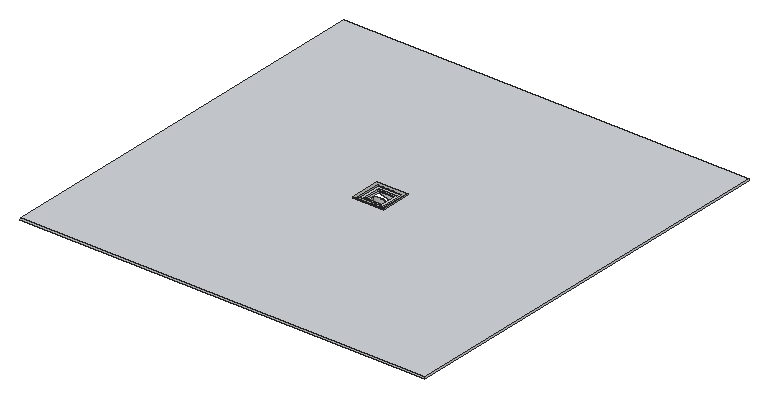
Revit family "LTR-6SQA", category Lighting Fixtures, host Face, Revit 2021
Family settings
  Host = Face
  Round Connector Dimension = Use Diameter
  Part Type = Normal
  OmniClass Number = 23.80.70.11.14.11
  OmniClass Title = Downlights
  Cut with Voids When Loaded = No
  Light Source = Yes
  Shared = Yes
  Room Calculation Point = No
Parameters (values of type "LTR-6SQA")
  Wattage Comments = "8-52"  # constant formula
  Wattage = 22.2 W
  Warranty = "5Years limited warranty"
  built-in parameter 1150110 = 1 (stored number, unit not read)
  Voltage = 120 V
  URL = "https://www.currentlighting.com/litecontrol"
  built-in parameter 1114217 = 1 (stored number, unit not read)
  Tilt Angle = -90.00°
  built-in parameter 1150109 = 1 (stored number, unit not read)
  built-in parameter 1150134 = 12
  built-in parameter 1150113 = 1 (stored number, unit not read)
  Product Page URL = ""
  Product Documentation Link = ""
  Power Factor = 1
  Photometric Web File = "generic.ies"
  Photometric Notes = "More IES files download on Photometric Web Link"  # constant formula
  Model = "LTR-6SQA"  # constant formula
  Manufacturer = "Litecontrol"
  built-in parameter 1150105 = -7295302.7 (stored number, unit not read)
  Lumens = 1799.98 lm
  built-in parameter 1150115 = 1 (stored number, unit not read)
  Load Classification = Lighting
  built-in parameter 1150137 = (empty or 0)
  built-in parameter 1150139 = (empty or 0)
  built-in parameter 1150112 = 1 (stored number, unit not read)
  built-in parameter 1150114 = 1 (stored number, unit not read)
  Lamp = "LED"  # constant formula
  built-in parameter 1150132 = (empty or 0)
  built-in parameter 1150102 = (empty or 0)
  built-in parameter 1150107 = 4000 (stored number, unit not read)
  built-in parameter 1150138 = (empty or 0)
  built-in parameter 1150106 = -72953 (stored number, unit not read)
  Glass = White Glass
  Features = "• 6inch architectural LED adjustable accent delivering 600–3500 lm • Four field interchangeable beam distributions from 15° to 45° • Translating center beam optic allows 0–35° vertical tilt, 362° horizontal rotation • Accommodates up to two lens media including hexcell louver and linear spread options • Variety of dimming protocol options including 0-10V, DALI, DMX, Lutron Forward Phase and EcoSystem • NX Distributed Intelligence™ wired and wireless controls capability available"  # constant formula
  Emit from Rectangle Width = 6.00"  # constant formula
  Emit from Rectangle Length = 6.00"  # constant formula
  Emit Shape Visible in Rendering = no
  built-in parameter 1150104 = 7.5326 (stored number, unit not read)
  Dimming Lamp Color Temperature Shift = <None>
  Description = "LITEISTRY™ 6inch Square Adjustable"  # constant formula
  Default Elevation = 48.00"
  Contact us = ""
  Color Filter = 16777215
  built-in parameter 1114218 = 1 (stored number, unit not read)
  Hardware Finish = Steel
  built-in parameter 1150133 = 10 (stored number, unit not read)
  Assembly Code = "D5020200"
  Apparent Load = 0 VA
Reference planes (in)
  plane 1 "Center (Front/Back)": y = 0.03999
  plane 2: z = 0
  plane 3 "Center (Left/Right)": x = -8.24832
  plane 4: x = -13.24832
  plane 5: x = 1.12668
  plane 6: y = 5.91499
  plane 7: y = -5.83501
  plane 8: z = -0.125
  plane 9: z = -2.865
  plane 10: z = -2.99
  plane 11: z = 0.51
  plane 12: x = -10.07019
  plane 13: x = -6.42646
  plane 14: x = -2.9049
  plane 15: x = -0.9049
  plane 16: y = 2.57276
  plane 17: y = -2.49278
  plane 18: y = 1.91499
  plane 19: y = -1.83501
  plane 20: z = 0.5625
  plane 21: z = -5.8175
  plane 22: through (-10.26822, -180.02233, 9.2565) normal (0.9908, 0, -0.1351)
  plane 23: through (-10.01873, -180.02233, 9.22247) normal (0.9908, 0, -0.1351)
Forms (in)
  Extrusion 1, solid
    sketch origin (-7.24832, 0, -2.58562) x (1, 0, 0) y (0, 1, 0)
      loop
        line (-48, 48) -> (-48, -48) -> (48, -48) -> (48, 48) -> (-48, 48)
    from 2.96062 to 2.58562
  Extrusion 2, void
    sketch origin (0, 0, 0) x (1, 0, 0) y (0, 1, 0)
      loop
        line (-10.42152, 2.23658) -> (-10.42152, -2.09107) -> (-6.09387, -2.09107) -> (-6.09387, 2.23658) -> (-10.42152, 2.23658)
    from 0.4375 to -0.125
  Extrusion 3, solid, material "Steel" <- "Hardware Finish", detail levels medium+fine
    sketch origin (0, 0, 0) x (1, 0, 0) y (0, 1, 0)
      loop
        line (-13.24832, 5.91499) -> (-13.24832, -5.83501) -> (1.12668, -5.83501) -> (1.12668, 5.91499) -> (-13.24832, 5.91499)
    from 0 to -0.125
  Extrusion 4, solid, material "Steel" <- "Hardware Finish", detail levels medium+fine
    sketch origin (0, 0, 0) x (1, 0, 0) y (0, 1, 0)
      loop
        line (-2.9049, 2.57276) -> (-2.9049, -2.49278) -> (-0.9049, -2.49278) -> (-0.9049, 2.57276) -> (-2.9049, 2.57276)
    from -2.99 to 0
  Extrusion 5, void
    sketch origin (-16.83938, -179.92188, -2.99) x (-1, 0, 0) y (0, -1, 0)
      loop
        line (-6.23879, -182.14937) -> (-6.23879, -177.5944) -> (-10.85626, -177.5944) -> (-10.85626, -182.14937) -> (-6.23879, -182.14937)
    from 2.865 to 2.99
  Sweep 6, solid, material "Steel" <- "Hardware Finish"
    path origin (-16.83938, -180, -2.99) x (-1, 0, 0) y (0, -1, 0)
      loop
        line (-6.58169, -182.07276) -> (-6.58169, -178.07276) -> (-10.58169, -178.07276) -> (-10.58169, -182.07276) -> (-6.58169, -182.07276)
    profile origin (-8.25769, 2.07276, -2.99) x (0, 1, 0) y (0, 0, 1)
      loop
        line (1.64692, 3.5625) -> (0.96851, 3.5625) -> (0.96851, 2.865) -> (1.30469, 2.865) -> (1.30469, 3.5) -> (1.64692, 3.5) -> (1.64692, 3.5625)
  Sweep 7, solid, material "Steel" <- "Hardware Finish"
    path in 3D
      loop
        line (-1.9111, 0.78158, -2.6815) -> (-1.9111, 0.78158, -3.20735)
        arc (-1.9111, 0.78158, -3.20735) -> (-2.13077, 0.78158, -3.73768) -> (-2.6611, 0.78158, -3.95735) r 0.75
        line (-2.6611, 0.78158, -3.95735) -> (-8.41689, 0.78158, -3.95735)
    profile origin (-2.13077, 0.78158, -3.73768) x (0, -1, 0) y (-0.707107, 0, 0.707107)
      loop
        circle (0, 0) r 0.09795
  Extrusion 8, solid, material "Steel" <- "Hardware Finish"
    sketch origin (-17.69503, -180.02154, -0.76089) x (-0.939693, 0, 0.34202) y (0, -1, 0)
      loop
        arc (-8.70908, -181.77339) -> (-8.53597, -181.78005) -> (-8.36304, -181.76953) r 1.74754
        line (-8.36304, -181.76953) -> (-8.36304, -181.67723) -> (-8.49788, -181.67723) -> (-8.49788, -181.55918) -> (-8.59106, -181.55918) -> (-8.59106, -181.67723) -> (-8.70908, -181.67723) -> (-8.70908, -181.77339)
      loop
        arc (-9.17317, -181.68651) -> (-8.99815, -181.73827) -> (-8.81868, -181.77148) r 1.74639
        line (-8.81868, -181.77148) -> (-8.79431, -181.68053) -> (-8.9248, -181.64556) -> (-8.89425, -181.53153) -> (-8.98425, -181.50742) -> (-9.0148, -181.62145) -> (-9.14629, -181.58621) -> (-9.17317, -181.68651)
      loop
        arc (-9.67441, -181.40975) -> (-9.52553, -181.51533) -> (-9.36646, -181.6048) r 1.74639
        line (-9.36646, -181.6048) -> (-9.31398, -181.52662) -> (-9.42615, -181.45133) -> (-9.36036, -181.35331) -> (-9.43772, -181.30138) -> (-9.50351, -181.3994) -> (-9.61654, -181.32353) -> (-9.67441, -181.40975)
      loop
        arc (-9.99201, -181.08268) -> (-9.87554, -181.2232) -> (-9.74504, -181.35079) r 1.74639
        line (-9.74504, -181.35079) -> (-9.67411, -181.28885) -> (-9.76297, -181.1871) -> (-9.67405, -181.10945) -> (-9.73534, -181.03927) -> (-9.82426, -181.11692) -> (-9.9138, -181.01438) -> (-9.99201, -181.08268)
      loop
        arc (-10.24565, -180.59873) -> (-10.1783, -180.76836) -> (-10.09362, -180.93004) r 1.74639
        line (-10.09362, -180.93004) -> (-10.00702, -180.89305) -> (-10.06009, -180.76881) -> (-9.95153, -180.72244) -> (-9.98813, -180.63675) -> (-10.09669, -180.68313) -> (-10.15016, -180.55794) -> (-10.24565, -180.59873)
      loop
        arc (-10.33389, -180.15145) -> (-10.31274, -180.33273) -> (-10.27278, -180.51082) r 1.74639
        line (-10.27278, -180.51082) -> (-10.17956, -180.4975) -> (-10.19867, -180.36376) -> (-10.0818, -180.34707) -> (-10.09498, -180.25483) -> (-10.21184, -180.27153) -> (-10.23109, -180.13677) -> (-10.33389, -180.15145)
      loop
        line (-7.92357, -181.65379) -> (-7.95566, -181.55504) -> (-8.08512, -181.5971) -> (-8.1216, -181.48483) -> (-8.21021, -181.51362) -> (-8.17373, -181.62589) -> (-8.30222, -181.66764) -> (-8.27312, -181.7572)
        arc (-8.27312, -181.7572) -> (-8.09564, -181.71464) -> (-7.92357, -181.65379) r 1.74639
      loop
        line (-7.5077, -181.40975) -> (-7.56557, -181.32353) -> (-7.6786, -181.3994) -> (-7.74439, -181.30138) -> (-7.82176, -181.35331) -> (-7.75596, -181.45133) -> (-7.86813, -181.52662) -> (-7.81565, -181.6048)
        arc (-7.81565, -181.6048) -> (-7.65658, -181.51533) -> (-7.5077, -181.40975) r 1.74639
      loop
        line (-7.1901, -181.08268) -> (-7.26831, -181.01438) -> (-7.35785, -181.11692) -> (-7.44677, -181.03927) -> (-7.50806, -181.10945) -> (-7.41914, -181.1871) -> (-7.508, -181.28885) -> (-7.43707, -181.35079)
        arc (-7.43707, -181.35079) -> (-7.30657, -181.2232) -> (-7.1901, -181.08268) r 1.74639
      loop
        line (-6.93646, -180.59873) -> (-7.03195, -180.55794) -> (-7.08542, -180.68313) -> (-7.19398, -180.63675) -> (-7.23058, -180.72244) -> (-7.12202, -180.76881) -> (-7.17509, -180.89305) -> (-7.08849, -180.93004)
        arc (-7.08849, -180.93004) -> (-7.00381, -180.76836) -> (-6.93646, -180.59873) r 1.74639
      loop
        line (-6.84822, -180.15145) -> (-6.95102, -180.13677) -> (-6.97027, -180.27153) -> (-7.08713, -180.25483) -> (-7.10031, -180.34707) -> (-6.98344, -180.36376) -> (-7.00255, -180.4975) -> (-6.90933, -180.51082)
        arc (-6.90933, -180.51082) -> (-6.86937, -180.33273) -> (-6.84822, -180.15145) r 1.74639
      loop
        line (-8.70908, -178.30659) -> (-8.70908, -178.40275) -> (-8.59106, -178.40275) -> (-8.59106, -178.5208) -> (-8.49788, -178.5208) -> (-8.49788, -178.40275) -> (-8.36304, -178.40275) -> (-8.36304, -178.31045)
        arc (-8.36304, -178.31045) -> (-8.53597, -178.29993) -> (-8.70908, -178.30659) r 1.74754
      loop
        line (-9.17317, -178.39347) -> (-9.14629, -178.49377) -> (-9.0148, -178.45854) -> (-8.98425, -178.57257) -> (-8.89425, -178.54845) -> (-8.9248, -178.43442) -> (-8.79431, -178.39946) -> (-8.81868, -178.3085)
        arc (-8.81868, -178.3085) -> (-8.99815, -178.34171) -> (-9.17317, -178.39347) r 1.74639
      loop
        line (-9.67441, -178.67023) -> (-9.61654, -178.75645) -> (-9.50351, -178.68058) -> (-9.43772, -178.7786) -> (-9.36036, -178.72668) -> (-9.42615, -178.62866) -> (-9.31398, -178.55337) -> (-9.36646, -178.47518)
        arc (-9.36646, -178.47518) -> (-9.52553, -178.56465) -> (-9.67441, -178.67023) r 1.74639
      loop
        line (-9.99201, -178.9973) -> (-9.9138, -179.0656) -> (-9.82426, -178.96307) -> (-9.73534, -179.04072) -> (-9.67405, -178.97054) -> (-9.76297, -178.89288) -> (-9.67411, -178.79113) -> (-9.74504, -178.72919)
        arc (-9.74504, -178.72919) -> (-9.87554, -178.85678) -> (-9.99201, -178.9973) r 1.74639
      loop
        line (-10.24565, -179.48125) -> (-10.15016, -179.52204) -> (-10.09669, -179.39686) -> (-9.98813, -179.44323) -> (-9.95153, -179.35754) -> (-10.06009, -179.31117) -> (-10.00702, -179.18693) -> (-10.09362, -179.14994)
        arc (-10.09362, -179.14994) -> (-10.1783, -179.31162) -> (-10.24565, -179.48125) r 1.74639
      loop
        line (-10.33389, -179.92853) -> (-10.23109, -179.94321) -> (-10.21184, -179.80846) -> (-10.09498, -179.82515) -> (-10.0818, -179.73291) -> (-10.19867, -179.71622) -> (-10.17956, -179.58248) -> (-10.27278, -179.56916)
        arc (-10.27278, -179.56916) -> (-10.31274, -179.74725) -> (-10.33389, -179.92853) r 1.74639
      loop
        arc (-7.92357, -178.42619) -> (-8.09564, -178.36534) -> (-8.27312, -178.32278) r 1.74639
        line (-8.27312, -178.32278) -> (-8.30222, -178.41234) -> (-8.17373, -178.45409) -> (-8.21021, -178.56636) -> (-8.1216, -178.59516) -> (-8.08512, -178.48288) -> (-7.95566, -178.52495) -> (-7.92357, -178.42619)
      loop
        arc (-7.5077, -178.67023) -> (-7.65658, -178.56465) -> (-7.81565, -178.47518) r 1.74639
        line (-7.81565, -178.47518) -> (-7.86813, -178.55337) -> (-7.75596, -178.62866) -> (-7.82176, -178.72668) -> (-7.74439, -178.7786) -> (-7.6786, -178.68058) -> (-7.56557, -178.75645) -> (-7.5077, -178.67023)
      loop
        arc (-7.1901, -178.9973) -> (-7.30657, -178.85678) -> (-7.43707, -178.72919) r 1.74639
        line (-7.43707, -178.72919) -> (-7.508, -178.79113) -> (-7.41914, -178.89288) -> (-7.50806, -178.97054) -> (-7.44677, -179.04072) -> (-7.35785, -178.96307) -> (-7.26831, -179.0656) -> (-7.1901, -178.9973)
      loop
        arc (-6.93646, -179.48125) -> (-7.00381, -179.31162) -> (-7.08849, -179.14994) r 1.74639
        line (-7.08849, -179.14994) -> (-7.17509, -179.18693) -> (-7.12202, -179.31117) -> (-7.23058, -179.35754) -> (-7.19398, -179.44323) -> (-7.08542, -179.39686) -> (-7.03195, -179.52204) -> (-6.93646, -179.48125)
      loop
        arc (-6.84822, -179.92853) -> (-6.86937, -179.74725) -> (-6.90933, -179.56916) r 1.74639
        line (-6.90933, -179.56916) -> (-7.00255, -179.58248) -> (-6.98344, -179.71622) -> (-7.10031, -179.73291) -> (-7.08713, -179.82515) -> (-6.97027, -179.80846) -> (-6.95102, -179.94321) -> (-6.84822, -179.92853)
    from 1.04065 to -1.6925
  Extrusion 9, solid, material "Steel" <- "Hardware Finish"
    sketch origin (-17.69342, -180.02154, -0.76118) x (-0.939693, 0, 0.34202) y (0, -1, 0)
      loop
        circle (-8.59106, -180.03999) r 1.51919
    from 1.03125 to -1.6925
  Revolve 10, solid, material "Steel" <- "Hardware Finish", detail levels medium+fine
    sketch origin (-0.8175, 0.01766, -3.60414) x (0.939693, 0, -0.34202) y (0.34202, 0, 0.939693)
      loop
        line (-9.70018, -0.27521) -> (-9.73594, -0.29586) -> (-9.7115, -0.38109) -> (-9.01666, -2.08095) -> (-8.96573, -2.07197) -> (-9.70018, -0.27521)
      axis (-8.24832, -0.27521) -> (-8.24832, -2.08095)
    angle from 0 to 360
  Extrusion 11, solid, material "Steel" <- "Hardware Finish"
    sketch origin (0.15525, 0.01845, -0.98032) x (0.996195, 0, -0.087156) y (0.087156, 0, 0.996195)
      loop
        line (-10.20021, -0.69311) -> (-10.20021, -0.63601) -> (-10.36038, -0.79618) -> (-10.73884, -2.20862) -> (-10.6938, -2.22069) -> (-10.31534, -0.80824) -> (-10.20021, -0.69311)
      loop
        line (-7.39463, -1.29773) -> (-7.34885, -1.62342) -> (-8.00781, -2.91669) -> (-7.96626, -2.93786) -> (-7.29323, -1.61696) -> (-7.34698, -1.2345) -> (-7.39463, -1.29773)
    from -0.32377 to 0.24006
  Extrusion 12, solid, material "Steel" <- "Hardware Finish"
    sketch origin (0.01477, 0.01845, -0.01) x (1, 0, 0) y (0, 0, 1)
      loop
        line (-7.64522, -2.56705) -> (-6.34275, -2.56705) -> (-5.5236, -1.99347) -> (-5.5236, -0.125) -> (-5.58341, -0.125) -> (-5.58341, -1.93704) -> (-6.39101, -2.50253) -> (-7.64522, -2.50253) -> (-7.64522, -2.56705)
    from -1.7334 to 1.7305
  Extrusion 13, solid
    sketch origin (0.62624, 0.03661, -0.01) x (1, 0, 0) y (0, 0, 1)
      loop
        line (-6.40034, -0.125) -> (-6.54592, -0.125) -> (-6.74151, -1.5167) -> (-6.67086, -1.5167) -> (-6.40034, -0.125)
    from -2.41884 to 2.34072
  Extrusion 14, solid
    sketch origin (-16.79229, 0.03661, -0.01) x (-1, 0, 0) y (0, 0, -1)
      loop
        line (-6.21087, 0.125) -> (-6.28753, 0.51937) -> (-6.38874, 0.51937) -> (-6.33332, 0.125) -> (-6.21087, 0.125)
    from -2.41884 to 2.34072
  Extrusion 15, solid
    sketch origin (0.01686, -0.49464, -0.01) x (1, 0, 0) y (0, 0, 1)
      loop
        line (-5.79096, -0.125) -> (-10.59828, -0.125) -> (-10.53694, -0.44055) -> (-6.06148, -1.5167) -> (-5.79096, -0.125)
    from 1.59223 to 1.80947
  Extrusion 16, solid
    sketch origin (0.31374, 0.64599, -0.01) x (1, 0, 0) y (0, 0, -1)
      loop
        line (-6.16703, 0.125) -> (-6.43402, 1.49851) -> (-10.83382, 0.44055) -> (-10.89516, 0.125) -> (-6.16703, 0.125)
    from 1.59223 to 1.80947
  Extrusion 17, solid, material "White Glass" <- "Glass"
    sketch origin (-0.3159, 0, -4.35232) x (0.939693, 0, -0.34202) y (0, 1, 0)
      loop
        circle (-8.99455, 0.00057) r 1.5
    from 0.15142 to 0.29322
  Extrusion 18, solid, material "White Glass" <- "Glass"
    sketch origin (0, 0.03999, -0.01) x (1, 0, 0) y (0, 0, 1)
      loop
        line (-6.04462, -1.5167) -> (-10.52008, -0.44055) -> (-10.52008, -0.50553) -> (-6.05939, -1.57813) -> (-6.04462, -1.5167)
    from -2.41546 to 2.3441
Cuts and joins
  Extrusion 5 cuts Extrusion 3
  joined: Extrusion 3, Extrusion 4
Lines and regions (in)
  symbolic lines
    curve 1: line (-13.24832, 5.91499, -2.99) -> (1.12668, 5.91499, -2.99)
    curve 2: line (-13.24832, -5.83501, -2.99) -> (-13.24832, 5.91499, -2.99)
    curve 3: line (1.12668, -5.83501, -2.99) -> (-13.24832, -5.83501, -2.99)
    curve 4: line (1.12668, 5.91499, -2.99) -> (1.12668, -5.83501, -2.99)
    curve 5: circle (-8.24832, 0.03999, -2.99) r 2.625 normal (0, 0, 1)
    curve 6: circle (-8.24832, 0.03999, -2.99) r 2 normal (0, 0, 1)
  sketch lines
    curve 7: arc (-1.9111, 0.78158, -3.20735) -> (-2.13077, 0.78158, -3.73768) -> (-2.6611, 0.78158, -3.95735) r 0.75
    curve 8: line (-1.9111, 0.78158, -3.20735) -> (-1.9111, 0.78158, -2.6815)
    curve 9: line (-8.41689, 0.78158, -3.95735) -> (-2.6611, 0.78158, -3.95735)
Dimensions and locks (in)
  equal spacing: plane 7, plane 1 "Center (Front/Back)", plane 6, locked at 5.875 each
  locked: plane 6 to plane 7 at 11.75
  locked: plane 4 to plane 5 at 14.375
  locked: plane 4 to plane 3 "Center (Left/Right)" at 5
  locked: Extrusion 1 to plane 8 at 0.5
  locked: plane 11 to plane 2 at 0.51
  locked: plane 2 to plane 8 at 0.125
  locked: plane 14 to plane 15 at 2
  equal spacing: plane 16, plane 1 "Center (Front/Back)", plane 17, locked at 2.53277 each
  locked: plane 9 to plane 10 at 0.125
  locked: plane 11 to plane 10 at 3.5
  equal spacing: plane 18, plane 1 "Center (Front/Back)", plane 19, locked at 1.875 each
  imposter light to plane 21 = 6.38"
  plane 12 to plane 13 = 3.64374"
  equal spacing: plane 12, plane 3 "Center (Left/Right)", plane 13
  plane 1 "Center (Front/Back)" to Sweep 6 sketch curve = 3.00128"
  Revolve 10 sketch curve to Revolve 10 sketch curve = 1.45185"
  aligned and locked: Extrusion 3 sketch curve to plane 6
  aligned and locked: plane 4 to Extrusion 3 sketch curve
  aligned and locked: Extrusion 3 sketch curve to plane 7
  aligned and locked: Extrusion 3 sketch curve to plane 5
  aligned and locked: Extrusion 3 to plane 8
  aligned and locked: level to Extrusion 4
  aligned and locked: Extrusion 4 to plane 10
  aligned and locked: plane 15 to cut or joined group of Extrusion 3, Extrusion 4, Extrusion 5
  aligned and locked: plane 14 to cut or joined group of Extrusion 3, Extrusion 4, Extrusion 5
  aligned and locked: plane 17 to cut or joined group of Extrusion 3, Extrusion 4, Extrusion 5
  aligned and locked: plane 16 to cut or joined group of Extrusion 3, Extrusion 4, Extrusion 5
  aligned and locked: Extrusion 5 to plane 8
  aligned and locked: plane 2 to Extrusion 5
  aligned and locked: Extrusion 1 to plane 2
  aligned and locked: curve 1 to cut or joined group of Extrusion 3, Extrusion 4, Extrusion 5
  aligned and locked: curve 2 to cut or joined group of Extrusion 3, Extrusion 4, Extrusion 5
  aligned and locked: curve 3 to cut or joined group of Extrusion 3, Extrusion 4, Extrusion 5
  aligned and locked: curve 4 to cut or joined group of Extrusion 3, Extrusion 4, Extrusion 5
  aligned and locked: Extrusion 2 to plane 8
  aligned and locked: imposter light to plane 20
Automatic sketch dimensions
  Extrusion 1 sketch curve to Extrusion 1 sketch curve = 96.00"  (x2)
  Extrusion 2 sketch curve to plane 12 = 0.35133"
  plane 13 to Extrusion 2 sketch curve = 0.33259"
  plane 19 to Extrusion 2 sketch curve = 0.25606"
  plane 18 to Extrusion 2 sketch curve = 0.32159"
  Extrusion 4 sketch curve to plane 14 = 0.00"
  Extrusion 4 sketch curve to plane 15 = 0.00"
  plane 17 to Extrusion 4 sketch curve = 0.00"
  Extrusion 4 sketch curve to plane 16 = 0.00"
  curve 5 to curve 6 = 0.00"  (x2)
  plane 1 "Center (Front/Back)" to curve 6 = 0.00"
  curve 6 to plane 3 "Center (Left/Right)" = 0.00"
  plane 13 to Sweep 6 sketch curve = 0.16876"
  plane 19 to Sweep 6 sketch curve = 0.09223"
  Sweep 6 sketch curve to plane 12 = 0.1875"
  plane 18 to Sweep 6 sketch curve = 0.15777"
  Sweep 6 sketch curve to Sweep 6 sketch curve = 0.33617"
  Sweep 6 sketch curve to Sweep 6 sketch curve = 0.34223"
  plane 10 to Sweep 6 sketch curve = 2.865"
  Sweep 6 sketch curve to Sweep 6 sketch curve = 0.635"
  Sweep 6 sketch curve to Sweep 6 sketch curve = 0.0625"
  Extrusion 5 sketch curve to plane 16 = 0.34527"
  Extrusion 5 sketch curve to plane 17 = 0.1653"
  Extrusion 5 sketch curve to plane 12 = 0.53039"
  profile plane to Sweep 7 sketch curve = 0.00"
  Sweep 7 sketch curve to profile plane = 0.00"
  Extrusion 8 sketch curve to Extrusion 8 sketch curve = 0.00"  (x384)
  Extrusion 8 sketch curve to plane 1 "Center (Front/Back)" = 0.08992"
  plane 1 "Center (Front/Back)" to Extrusion 8 sketch curve = 0.133"
  Extrusion 8 sketch curve to plane 1 "Center (Front/Back)" = 0.44928"  (x2)
  Extrusion 8 sketch curve to Extrusion 8 sketch curve = 0.0611"  (x2)
  plane 1 "Center (Front/Back)" to Extrusion 8 sketch curve = 0.49237"  (x2)
  Extrusion 8 sketch curve to plane 1 "Center (Front/Back)" = 0.5372"
  Extrusion 8 sketch curve to Extrusion 8 sketch curve = 0.02713"  (x2)
  plane 1 "Center (Front/Back)" to Extrusion 8 sketch curve = 0.58028"
  Extrusion 8 sketch curve to plane 1 "Center (Front/Back)" = 0.07523"  (x2)
  Extrusion 8 sketch curve to Extrusion 8 sketch curve = 0.10279"  (x2)
  plane 1 "Center (Front/Back)" to Extrusion 8 sketch curve = 0.11832"  (x2)
  Extrusion 8 sketch curve to plane 1 "Center (Front/Back)" = 0.20999"  (x2)
  plane 1 "Center (Front/Back)" to Extrusion 8 sketch curve = 0.25308"  (x2)
  Extrusion 8 sketch curve to plane 1 "Center (Front/Back)" = 0.30223"
  Extrusion 8 sketch curve to Extrusion 8 sketch curve = 0.01318"  (x4)
  plane 1 "Center (Front/Back)" to Extrusion 8 sketch curve = 0.34532"
  Extrusion 8 sketch curve to plane 1 "Center (Front/Back)" = 0.49641"  (x2)
  Extrusion 8 sketch curve to Extrusion 8 sketch curve = 0.0294"  (x4)
  plane 1 "Center (Front/Back)" to Extrusion 8 sketch curve = 0.53949"  (x2)
  plane 1 "Center (Front/Back)" to Extrusion 8 sketch curve = 0.66468"  (x2)
  Extrusion 8 sketch curve to plane 1 "Center (Front/Back)" = 0.62159"  (x2)
  Extrusion 8 sketch curve to plane 1 "Center (Front/Back)" = 0.1933"  (x2)
  plane 1 "Center (Front/Back)" to Extrusion 8 sketch curve = 0.23638"  (x2)
  plane 1 "Center (Front/Back)" to Extrusion 8 sketch curve = 0.91159"  (x2)
  Extrusion 8 sketch curve to plane 1 "Center (Front/Back)" = 0.8685"  (x2)
  plane 1 "Center (Front/Back)" to Extrusion 8 sketch curve = 0.75036"
  Extrusion 8 sketch curve to Extrusion 8 sketch curve = 0.0366"  (x4)
  Extrusion 8 sketch curve to plane 1 "Center (Front/Back)" = 0.70728"
  Extrusion 8 sketch curve to plane 18 = 0.85385"
  Extrusion 8 sketch curve to Extrusion 8 sketch curve = 0.10161"  (x2)
  Extrusion 8 sketch curve to plane 19 = 0.81077"
  Extrusion 8 sketch curve to plane 1 "Center (Front/Back)" = 0.57522"  (x2)
  plane 1 "Center (Front/Back)" to Extrusion 8 sketch curve = 0.61831"  (x2)
  Extrusion 8 sketch curve to plane 18 = 0.92215"  (x2)
  Extrusion 8 sketch curve to Extrusion 8 sketch curve = 0.07821"  (x2)
  Extrusion 8 sketch curve to plane 19 = 0.87907"  (x2)
  Extrusion 8 sketch curve to plane 18 = 0.81962"  (x2)
  Extrusion 8 sketch curve to plane 19 = 0.77653"  (x2)
  Extrusion 8 sketch curve to plane 19 = 0.70635"
  Extrusion 8 sketch curve to Extrusion 8 sketch curve = 0.06129"  (x4)
  Extrusion 8 sketch curve to plane 18 = 0.74944"
  Extrusion 8 sketch curve to plane 18 = 0.58574"  (x2)
  Extrusion 8 sketch curve to plane 19 = 0.54265"  (x2)
  Extrusion 8 sketch curve to plane 18 = 0.89727"  (x2)
  Extrusion 8 sketch curve to plane 19 = 0.85418"  (x2)
  Extrusion 8 sketch curve to plane 19 = 0.4837"
  Extrusion 8 sketch curve to Extrusion 8 sketch curve = 0.07063"  (x2)
  Extrusion 8 sketch curve to plane 18 = 0.52678"
  Extrusion 8 sketch curve to plane 19 = 0.56992"  (x2)
  Extrusion 8 sketch curve to Extrusion 8 sketch curve = 0.05757"  (x4)
  Extrusion 8 sketch curve to plane 18 = 0.613"  (x2)
  Extrusion 8 sketch curve to plane 19 = 0.49405"  (x2)
  Extrusion 8 sketch curve to plane 18 = 0.53714"  (x2)
  Extrusion 8 sketch curve to plane 19 = 0.59207"  (x2)
  Extrusion 8 sketch curve to plane 18 = 0.63515"  (x2)
  Extrusion 8 sketch curve to plane 19 = 0.44212"
  Extrusion 8 sketch curve to Extrusion 8 sketch curve = 0.07736"  (x2)
  Extrusion 8 sketch curve to plane 18 = 0.48521"
  Extrusion 8 sketch curve to plane 18 = 0.33173"  (x2)
  Extrusion 8 sketch curve to plane 19 = 0.28865"  (x2)
  Extrusion 8 sketch curve to plane 19 = 0.20694"
  Extrusion 8 sketch curve to Extrusion 8 sketch curve = 0.19329"  (x2)
  Extrusion 8 sketch curve to plane 18 = 0.25002"
  Extrusion 8 sketch curve to plane 19 = 0.30724"
  Extrusion 8 sketch curve to Extrusion 8 sketch curve = 0.02687"  (x2)
  Extrusion 8 sketch curve to plane 18 = 0.35032"
  Extrusion 8 sketch curve to plane 18 = 0.31509"
  Extrusion 8 sketch curve to plane 19 = 0.272"
  Extrusion 8 sketch curve to plane 18 = 0.42912"
  Extrusion 8 sketch curve to plane 19 = 0.38603"
  Extrusion 8 sketch curve to plane 18 = 0.29097"
  Extrusion 8 sketch curve to Extrusion 8 sketch curve = 0.09"  (x2)
  Extrusion 8 sketch curve to plane 19 = 0.24789"
  Extrusion 8 sketch curve to plane 18 = 0.16505"
  Extrusion 8 sketch curve to plane 19 = 0.12196"
  Extrusion 8 sketch curve to Extrusion 8 sketch curve = 0.08523"  (x2)
  Extrusion 8 sketch curve to Extrusion 8 sketch curve = 0.11803"  (x2)
  Extrusion 8 sketch curve to Extrusion 8 sketch curve = 0.03559"
  Extrusion 8 sketch curve to Extrusion 8 sketch curve = 0.09318"  (x2)
  Extrusion 8 sketch curve to Extrusion 8 sketch curve = 0.13484"  (x2)
  Extrusion 8 sketch curve to plane 19 = 0.22581"
  Extrusion 8 sketch curve to Extrusion 8 sketch curve = 0.06082"  (x2)
  Extrusion 8 sketch curve to plane 18 = 0.26889"
  Extrusion 8 sketch curve to plane 19 = 0.13625"
  Extrusion 8 sketch curve to Extrusion 8 sketch curve = 0.08992"  (x2)
  Extrusion 8 sketch curve to plane 18 = 0.17934"
  Extrusion 8 sketch curve to plane 18 = 0.42291"
  Extrusion 8 sketch curve to Extrusion 8 sketch curve = 0.092"  (x2)
  Extrusion 8 sketch curve to plane 19 = 0.37983"
  Extrusion 8 sketch curve to plane 18 = 0.45171"
  Extrusion 8 sketch curve to plane 19 = 0.40862"
  Extrusion 8 sketch curve to plane 19 = 0.29635"
  Extrusion 8 sketch curve to plane 18 = 0.33943"
  Extrusion 8 sketch curve to plane 18 = 0.3815"
  Extrusion 8 sketch curve to plane 19 = 0.33841"
  Extrusion 8 sketch curve to plane 18 = 0.40992"
  Extrusion 8 sketch curve to Extrusion 8 sketch curve = 0.08752"  (x2)
  Extrusion 8 sketch curve to plane 19 = 0.36683"
  Extrusion 8 sketch curve to plane 19 = 0.54014"
  Extrusion 8 sketch curve to Extrusion 8 sketch curve = 0.04638"  (x2)
  Extrusion 8 sketch curve to plane 18 = 0.58323"
  Extrusion 8 sketch curve to Extrusion 8 sketch curve = 0.05248"  (x2)
  Extrusion 8 sketch curve to plane 19 = 0.784"
  Extrusion 8 sketch curve to Extrusion 8 sketch curve = 0.05752"  (x2)
  Extrusion 8 sketch curve to plane 18 = 0.82709"
  Extrusion 8 sketch curve to plane 19 = 0.60459"
  Extrusion 8 sketch curve to plane 18 = 0.64768"
  Extrusion 8 sketch curve to plane 1 "Center (Front/Back)" = 0.66091"
  Extrusion 8 sketch curve to Extrusion 8 sketch curve = 0.03773"  (x2)
  plane 1 "Center (Front/Back)" to Extrusion 8 sketch curve = 0.70399"
  Extrusion 8 sketch curve to plane 1 "Center (Front/Back)" = 0.83151"
  Extrusion 8 sketch curve to Extrusion 8 sketch curve = 0.09322"  (x2)
  plane 1 "Center (Front/Back)" to Extrusion 8 sketch curve = 0.8746"
  Extrusion 8 sketch curve to plane 1 "Center (Front/Back)" = 0.28554"
  Extrusion 8 sketch curve to Extrusion 8 sketch curve = 0.09367"  (x2)
  plane 1 "Center (Front/Back)" to Extrusion 8 sketch curve = 0.32862"
  Extrusion 8 sketch curve to plane 1 "Center (Front/Back)" = 0.43597"
  plane 1 "Center (Front/Back)" to Extrusion 8 sketch curve = 0.47905"
  Extrusion 8 sketch curve to Extrusion 8 sketch curve = 0.00191"
  Extrusion 8 sketch curve to Extrusion 8 sketch curve = 0.01233"  (x2)
  Extrusion 8 sketch curve to Extrusion 8 sketch curve = 0.09616"
  Extrusion 8 sketch curve to Extrusion 8 sketch curve = 0.11805"  (x2)
  plane 1 "Center (Front/Back)" to Extrusion 8 sketch curve = 0.01417"
  Extrusion 8 sketch curve to Extrusion 8 sketch curve = 0.12134"
  plane 1 "Center (Front/Back)" to Extrusion 9 sketch curve = 0.02154"
  plane 12 to Revolve 10 sketch curve = 0.00271"
  Revolve 10 sketch curve to plane 8 = 0.42727"
  Revolve 10 sketch curve to Revolve 10 sketch curve = 0.02444"
  Revolve 10 sketch curve to Revolve 10 sketch curve = 0.03576"
  Revolve 10 sketch curve to Revolve 10 sketch curve = 0.69483"
  Revolve 10 sketch curve to Revolve 10 sketch curve = 0.05093"
  Revolve 10 sketch curve to Revolve 10 sketch curve = 0.08523"
  Revolve 10 sketch curve to Revolve 10 sketch curve = 1.69087"
  Revolve 10 sketch curve to Revolve 10 sketch curve = 0.00898"
  Revolve 10 sketch curve to Revolve 10 sketch curve = 0.02065"
  Revolve 10 sketch curve to Revolve 10 sketch curve = 2.42808"
  Revolve 10 sketch curve to Revolve 10 sketch curve = 2.65017"
  Extrusion 11 sketch curve to plane 12 = 0.66502"
  plane 9 to Extrusion 11 sketch curve = 0.62041"
  Extrusion 11 sketch curve to Extrusion 11 sketch curve = 0.04504"  (x2)
  Extrusion 11 sketch curve to Extrusion 11 sketch curve = 0.37846"
  Extrusion 11 sketch curve to Extrusion 11 sketch curve = 0.11513"  (x2)
  Extrusion 11 sketch curve to Extrusion 11 sketch curve = 2.68599"
  Extrusion 11 sketch curve to Extrusion 11 sketch curve = 0.04154"
  Extrusion 11 sketch curve to Extrusion 11 sketch curve = 0.61318"
  Extrusion 11 sketch curve to Extrusion 11 sketch curve = 0.04577"
  Extrusion 11 sketch curve to Extrusion 11 sketch curve = 0.04765"
  Extrusion 11 sketch curve to Extrusion 11 sketch curve = 0.05562"
  Extrusion 11 sketch curve to Extrusion 11 sketch curve = 0.01207"
  Extrusion 11 sketch curve to Extrusion 11 sketch curve = 0.69601"
  Extrusion 11 sketch curve to Extrusion 11 sketch curve = 0.02117"
  Extrusion 11 sketch curve to Extrusion 11 sketch curve = 0.32569"
  Extrusion 11 sketch curve to Extrusion 11 sketch curve = 0.06323"
  Extrusion 11 sketch curve to Extrusion 11 sketch curve = 0.05711"
  plane 9 to Extrusion 12 sketch curve = 0.28795"
  plane 3 "Center (Left/Right)" to Extrusion 12 sketch curve = 0.61787"
  plane 13 to Extrusion 12 sketch curve = 0.05022"
  Extrusion 12 sketch curve to Extrusion 12 sketch curve = 0.04826"
  plane 13 to Extrusion 12 sketch curve = 0.85782"
  Extrusion 12 sketch curve to plane 8 = 0.01"
  Extrusion 12 sketch curve to Extrusion 12 sketch curve = 0.05981"
  Extrusion 12 sketch curve to Extrusion 12 sketch curve = 0.06452"
  plane 9 to Extrusion 12 sketch curve = 0.86153"
  Extrusion 12 sketch curve to Extrusion 12 sketch curve = 0.05643"
  plane 13 to Extrusion 13 sketch curve = 0.31118"
  Extrusion 13 sketch curve to Extrusion 13 sketch curve = 0.07065"
  Extrusion 13 sketch curve to plane 8 = 0.01"
  plane 13 to Extrusion 13 sketch curve = 0.50677"
  Extrusion 13 sketch curve to Extrusion 13 sketch curve = 0.14558"
  plane 9 to Extrusion 13 sketch curve = 1.3383"
  plane 12 to Extrusion 14 sketch curve = 0.33335"
  plane 8 to Extrusion 14 sketch curve = 0.01"
  plane 12 to Extrusion 14 sketch curve = 0.38878"
  Extrusion 14 sketch curve to Extrusion 14 sketch curve = 0.10122"
  Extrusion 14 sketch curve to Extrusion 14 sketch curve = 0.12245"
  Extrusion 14 sketch curve to Extrusion 14 sketch curve = 0.39437"
  Extrusion 15 sketch curve to plane 8 = 0.01"
  Extrusion 15 sketch curve to plane 12 = 0.51123"
  Extrusion 15 sketch curve to Extrusion 15 sketch curve = 0.06134"
  plane 13 to Extrusion 15 sketch curve = 0.38184"
  plane 13 to Extrusion 15 sketch curve = 0.65236"
  Extrusion 15 sketch curve to Extrusion 15 sketch curve = 0.31555"
  plane 9 to Extrusion 15 sketch curve = 1.3383"
  Extrusion 16 sketch curve to plane 8 = 0.01"
  Extrusion 16 sketch curve to plane 12 = 0.51123"
  Extrusion 16 sketch curve to Extrusion 16 sketch curve = 0.06134"
  plane 13 to Extrusion 16 sketch curve = 0.30618"
  plane 13 to Extrusion 16 sketch curve = 0.57316"
  Extrusion 16 sketch curve to Extrusion 16 sketch curve = 0.31555"
  plane 9 to Extrusion 16 sketch curve = 1.35649"
  plane 1 "Center (Front/Back)" to Extrusion 17 sketch curve = 0.03942"
  Extrusion 18 sketch curve to plane 12 = 0.44989"
  plane 13 to Extrusion 18 sketch curve = 0.36706"
  Extrusion 18 sketch curve to Extrusion 18 sketch curve = 0.01477"
  plane 9 to Extrusion 18 sketch curve = 1.27687"
  Extrusion 18 sketch curve to Extrusion 18 sketch curve = 0.06143"
  plane 13 to Extrusion 5 sketch curve = 0.44333"
  radius of curve 5 = 2.625"
  radius of curve 6 = 2.00"
  radius of Sweep 7 sketch curve = 0.09795"
  radius of Extrusion 9 sketch curve = 1.51919"
  radius of Extrusion 17 sketch curve = 1.50"
Connectors (in)
  electrical at (-8.3005, 0.03999, -3.125), driven by "Description", driven by "Load Classification", driven by "Voltage", driven by "Apparent Load", driven by "Power Factor"
    settings: on cut or joined group of Extrusion 3, Extrusion 4, Extrusion 5, index 1, voltage 120 V, apparent load 0 VA, apparent load phase1 0 VA, apparent load phase2 0 VA, apparent load phase3 0 VA, power factor 1, load classification "Lighting", number of poles 1, system type 30, power factor state 1, is connector primary yes, connector utility no, sub classification motor no, connector description "LITEISTRY™ 6inch Square Adjustable"
